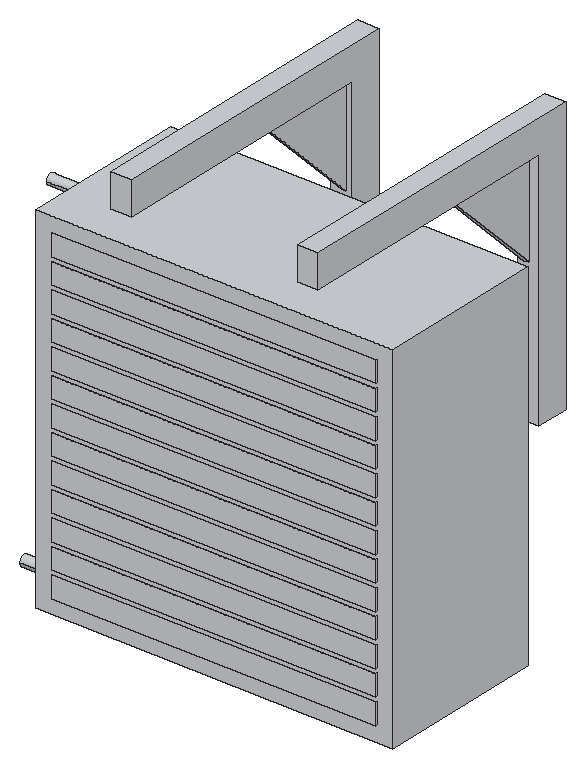
Revit family "Mark Tanner MDA verwarmer wandmontage", category Mechanical Equipment, Revit 2016
Family settings
  Part Type = Normal
  Round Connector Dimension = Use Diameter
  OmniClass Number = 23.75.00.00
  OmniClass Title = Climate Control (HVAC)
  Work Plane-Based = No
  Always vertical = Yes
  Cut with Voids When Loaded = No
  Shared = No
  Room Calculation Point = No
Parameters
  voltage = 0 V
  vermogen = 0 W
  schijnbaar_vermogen = voltage * nominale stroom  # 0 VA
  o2 [instance] = 333.225 mm
  o1 = 660 mm
  nominale stroom = 0 A
  lengte = l1  # 860 mm
  l3 = l1 + 100 mm  # 960 mm
  l2 = 450 mm
  l1 = h1  # 860 mm
  hoogte = h1  # 860 mm
  h1 = 860 mm
  gewicht = ""
  elektrisch_vermogen = 0 W
  debiet = 0.0 L/s
  con 1_RN = con 1_DN / 2  # 12.5 mm
  con 1_DN = 25 mm
  breedte = b1  # 405 mm
  b2 = b1 - 80 mm  # 325 mm
  b1 = 405 mm
  artikelnummer = ""
  aantal_polen = 1
  URL = "http://www.mark.nl/producten/"
  Type Comments = "MDA 121, 2 rijige wisselaar, 1 fase 230V fan, ,waterzijdige aansluiting 1"
  Model = "MDA 100"
  Manufacturer = "Mark"  # constant formula
Reference planes
  plane 1 "Center (Front/Back)": y = 0
  plane 2: z = 0
  plane 3 "Center (Left/Right)": x = 0
  plane 4: x = -430
  plane 5: x = 430
  plane 6: z = -145
  plane 7: y = -744
Dimensions and locks
  "l1": plane 4 to plane 5
  equal spacing: plane 4, plane 3 "Center (Left/Right)", plane 5
  aligned and locked: level to plane 2
  aligned and locked: plane 6 to nested 2
  aligned and locked: nested 2 to plane 7
  aligned and locked: plane 3 "Center (Left/Right)" to nested 1
Nested families
  nested 1: "Wand console" at (0, 0, 0), b1 <- "b2", l1 <- "l2", type "Wand console"
    with l1 450 mm, b1 325 mm
  nested 2: "Verwarmer" at (0, -541.5, -145), b1 <- "b1", h1 <- "h1", l1 <- "l1", r1 <- "con 1_RN", type "MDA 100"
    with r1 12.5 mm, l1 860 mm, h1 860 mm, b1 405 mm, b 780 mm, aantal 13, a 790 mm
Connectors
  electrical at (0, -541.5, -145), driven by "aantal_polen", driven by "voltage", driven by "schijnbaar_vermogen"
    settings: on nested 2, index 1, voltage 0 V, apparent load 0 VA, apparent load phase1 0 VA, apparent load phase2 0 VA, apparent load phase3 0 VA, power factor 1, load classification "Other", number of poles 1, system type 31, power factor state 1, is connector primary yes, connector utility no, sub classification motor no, connector description ""
  piping at (-522, -584, -181), diameter 25, driven by "con 1_DN"
    settings: on nested 2, index 2, connector inside diameter 609.6 mm, connector length 0 mm, flow factor 0, pipe flow 0.0 L/s, pressure drop 0.0 Pa, fitting loss kfactor 0, connector angle 0.00°, fixture units 0, engagement length 0 mm, angle of deflection 0.00°, flow configuration 0, flow direction 2, fitting loss method 0, system type 8, joint type 0, gender type 0, connector reference index -1, connector utility 0, adjustable connector no, is connector primary yes, connector description "retour"
  piping at (-522, -664, -969), diameter 25, driven by "con 1_DN"
    settings: on nested 2, index 3, connector inside diameter 609.6 mm, connector length 0 mm, flow factor 0, pipe flow 0.0 L/s, pressure drop 0.0 Pa, fitting loss kfactor 0, connector angle 0.00°, fixture units 0, engagement length 0 mm, angle of deflection 0.00°, flow configuration 0, flow direction 1, fitting loss method 0, system type 7, joint type 0, gender type 0, connector reference index -1, connector utility 0, adjustable connector no, is connector primary no, connector description ""
Definition of nested family "Wand console"
  Parameters (values of type "Wand console")
    l1 [instance] = 500 mm
    b1 [instance] = 300 mm
    artikelnummer = "5064051"  # constant formula
    URL = "http://www.mark.nl/producten/"
    Manufacturer = "Mark"  # constant formula
    Description = "plafond console"  # constant formula
  Reference planes
    plane 1 "Center (Front/Back)": y = 0
    plane 2: z = 0
    plane 3 "Center (Left/Right)": x = 0
    plane 4: x = -250
    plane 5: x = 250
  Forms (mm)
    Sweep 1, solid
      path origin (-250, 370.38, 1200) x (0, 1, 0) y (0, 0, 1)
        loop
          line (-1114.38, -1200) -> (-370.38, -1200) -> (-370.38, -1864)
      profile origin (-250, 0, -332) x (1, 0, 0) y (0, 1, 0)
        loop
          line (25, 0) -> (-25, 0) -> (-25, -80) -> (25, -80) -> (25, 0)
    Sweep 2, solid
      path origin (250, -539.048, 1120) x (0, -1, 0) y (0, 0, 1)
        loop
          line (204.952, -1200) -> (-459.048, -1200) -> (-459.048, -1784)
      profile origin (250, -80, -372) x (-1, 0, 0) y (0, -1, 0)
        loop
          line (25, 0) -> (-25, 0) -> (-25, -80) -> (25, -80) -> (25, 0)
    Extrusion 3, solid
      sketch origin (-250, 370.38, 1200) x (0, 1, 0) y (0, 0, 1)
        loop
          line (-690.38, -1280) -> (-450.38, -1520) -> (-450.38, -1280) -> (-690.38, -1280)
      from 0 to 11
    Extrusion 4, solid
      sketch origin (250, -459.048, 1200) x (0, -1, 0) y (0, 0, 1)
        loop
          line (-379.048, -1280) -> (-379.048, -1520) -> (-139.048, -1280) -> (-379.048, -1280)
      from 0 to 11
  Dimensions and locks
    equal spacing: plane 4, plane 3 "Center (Left/Right)", plane 5
    "l1": plane 4 to plane 5
    equal spacing: Sweep 1 sketch curve, profile plane, Sweep 1 sketch curve
    equal spacing: Sweep 2 sketch curve, profile plane, Sweep 2 sketch curve
    locked: Sweep 2 sketch curve to Sweep 2 sketch curve at 50
    locked: Sweep 1 sketch curve to Sweep 1 sketch curve at 50
    aligned and locked: level to plane 2
    aligned and locked: Sweep 2 to plane 1 "Center (Front/Back)"
  Automatic sketch dimensions
    Sweep 1 sketch curve to level = 0 mm
    Sweep 1 sketch curve to plane 1 "Center (Front/Back)" = 0 mm
    plane 1 "Center (Front/Back)" to Sweep 1 sketch curve = 744 mm
    Sweep 1 sketch curve to level = 664 mm
    profile plane to Sweep 1 sketch curve = 0 mm
    Sweep 1 sketch curve to Sweep 1 sketch curve = 80 mm
    profile plane to Sweep 2 sketch curve = 0 mm
    Sweep 2 sketch curve to Sweep 2 sketch curve = 80 mm
    plane 1 "Center (Front/Back)" to Sweep 2 sketch curve = 80 mm
    Sweep 2 sketch curve to level = 80 mm
    Sweep 2 sketch curve to Sweep 2 sketch curve = 664 mm
    Sweep 2 sketch curve to Sweep 2 sketch curve = 584 mm
    plane 1 "Center (Front/Back)" to Extrusion 3 sketch curve = 80 mm
    Extrusion 3 sketch curve to level = 320 mm
    Extrusion 3 sketch curve to level = 80 mm
    Extrusion 3 sketch curve to Extrusion 3 sketch curve = 240 mm
    Extrusion 4 sketch curve to level = 80 mm
    plane 1 "Center (Front/Back)" to Extrusion 4 sketch curve = 320 mm
    plane 1 "Center (Front/Back)" to Extrusion 4 sketch curve = 80 mm
    Extrusion 4 sketch curve to Extrusion 4 sketch curve = 240 mm
Definition of nested family "Verwarmer"
  Parameters (values of type "MDA 100")
    r1 [instance] = 12.5 mm
    l1 [instance] = 860 mm
    h1 [instance] = 860 mm
    b1 [instance] = 405 mm
    b [instance] = l1 - 80 mm  # 780 mm
    aantal [instance] = a / 60 mm  # 13
    a [instance] = h1 - 70 mm  # 790 mm
    Default Elevation = 1219.2 mm
  Reference planes
    plane 1 "Center (Front/Back)": y = 0
    plane 2: z = 0
    plane 3 "Center (Left/Right)": x = 0
    plane 4: x = -430
    plane 5: x = 430
    plane 6: x = -390
    plane 7: x = 390
    plane 8: y = 202.5
    plane 9: y = -202.5
    plane 10: y = -42.5
    plane 11: y = -122.5
    plane 12: z = -860
    plane 13: z = -36
    plane 14: z = -824
    plane 15: z = -430
  Forms (mm)
    Extrusion 1, solid
      sketch origin (0, 0, 0) x (1, 0, 0) y (0, 1, 0)
        loop
          line (-430, 202.5) -> (-430, -202.5) -> (430, -202.5) -> (430, 202.5) -> (-430, 202.5)
      from 0 to -860
    Sweep 2, solid
      path origin (1317.187, -1524, -36) x (0, -1, 0) y (1, 0, 0)
        loop
          line (-1401.5, -1747.187) -> (-1401.5, -1839.187)
      profile origin (-476, -122.5, -36) x (0, -1, 0) y (0, 0, 1)
        loop
          circle (0, -788) r 12.5
    Sweep 3, solid
      path origin (0, 0, 0) x (1, 0, 0) y (0, 1, 0)
        loop
          line (-522, -30) -> (-430, -30)
      profile origin (-476, -30, 0) x (0, 1, 0) y (0, 0, 1)
        loop
          circle (-12.5, -36) r 12.5
  Dimensions and locks
    equal spacing: plane 4, plane 3 "Center (Left/Right)", plane 5
    "l1": plane 4 to plane 5
    equal spacing: plane 6, plane 3 "Center (Left/Right)", plane 7
    "b1": plane 8 to plane 9
    equal spacing: plane 8, plane 1 "Center (Front/Back)", plane 9
    locked: plane 9 to plane 11 at 80
    locked: plane 10 to plane 9 at 160
    equal spacing: plane 2, plane 15, plane 12
    "h1": plane 2 to plane 12
    locked: plane 14 to plane 12 at 36
    locked: plane 2 to plane 13 at 36
    plane 13 to plane 14 = 788 mm
    equal spacing: plane 7, plane 3 "Center (Left/Right)", plane 6
    "b": plane 6 to plane 7
    equal spacing: group 1, group 3, group 4, group 5, group 6, group 7, group 8, group 9, group 10, group 11, group 12, group 13, group 2  (x2)
    equal spacing: group 2, group 13, group 12, group 11, group 10, group 9, group 8, group 7, group 6, group 5, group 4, group 3, group 1
    "r1": radius of Sweep 2 sketch curve
    "r1": radius of Sweep 3 sketch curve
    aligned and locked: level to plane 2
    aligned and locked: Extrusion 1 sketch curve to plane 8
    aligned and locked: plane 4 to Extrusion 1 sketch curve
    aligned and locked: plane 5 to Extrusion 1 sketch curve
    aligned and locked: plane 9 to Extrusion 1 sketch curve
    aligned and locked: Extrusion 1 to plane 12
    aligned and locked: plane 4 to Sweep 2 sketch curve
    aligned and locked: Sweep 2 sketch curve to plane 11  (x2)
    aligned and locked: plane 14 to Sweep 2 sketch curve
    aligned and locked: plane 4 to Sweep 3 sketch curve
    aligned and locked: plane 13 to Sweep 3 sketch curve
    aligned and locked: plane 10 to Sweep 3 sketch curve
    aligned and locked: plane 3 "Center (Left/Right)" to nested 1
    aligned and locked: nested 1 to plane 9
    aligned and locked: nested 2 to plane 14
    aligned and locked: nested 2 to plane 9
  Automatic sketch dimensions
    Sweep 2 sketch curve to Sweep 2 sketch curve = 92 mm
    Sweep 3 sketch curve to plane 4 = 92 mm
    plane 1 "Center (Front/Back)" to Sweep 3 sketch curve = 30 mm
  Nested families
    nested 1: "Family5" at (0, -202.5, -36), a <- "b", type "Family5"
      with a 780 mm
    nested 2: "Family5" at (0, -202.5, -774), a <- "b", type "Family5"
      with a 780 mm
    nested 3: "Family5" at (0, -202.5, -97.5), a <- "b", type "Family5"
      with a 780 mm
    nested 4: "Family5" at (0, -202.5, -159), a <- "b", type "Family5"
      with a 780 mm
    nested 5: "Family5" at (0, -202.5, -220.5), a <- "b", type "Family5"
      with a 780 mm
    nested 6: "Family5" at (0, -202.5, -282), a <- "b", type "Family5"
      with a 780 mm
    nested 7: "Family5" at (0, -202.5, -343.5), a <- "b", type "Family5"
      with a 780 mm
    nested 8: "Family5" at (0, -202.5, -405), a <- "b", type "Family5"
      with a 780 mm
    nested 9: "Family5" at (0, -202.5, -466.5), a <- "b", type "Family5"
      with a 780 mm
    nested 10: "Family5" at (0, -202.5, -528), a <- "b", type "Family5"
      with a 780 mm
    nested 11: "Family5" at (0, -202.5, -589.5), a <- "b", type "Family5"
      with a 780 mm
    nested 12: "Family5" at (0, -202.5, -651), a <- "b", type "Family5"
      with a 780 mm
    nested 13: "Family5" at (0, -202.5, -712.5), a <- "b", type "Family5"
      with a 780 mm
  Definition of nested family "Family5"
    Parameters (values of type "Family5")
      a [instance] = 752.12 mm
    Reference planes
      plane 1 "Center (Front/Back)": y = 0
      plane 2: z = 0
      plane 3 "Center (Left/Right)": x = 0
    Forms (mm)
      Extrusion 1, solid
        sketch origin (0, 0, 0) x (1, 0, 0) y (0, 1, 0)
          loop
            line (-376.06, 1.5) -> (-376.06, -1.5) -> (376.06, -1.5) -> (376.06, 1.5) -> (-376.06, 1.5)
        from -50 to 0
    Dimensions and locks
      equal spacing: Extrusion 1 sketch curve, plane 3 "Center (Left/Right)", Extrusion 1 sketch curve
      "a": Extrusion 1 sketch curve to Extrusion 1 sketch curve
      aligned and locked: level to plane 2
    Automatic sketch dimensions
      plane 1 "Center (Front/Back)" to Extrusion 1 sketch curve = 1.5 mm
      Extrusion 1 sketch curve to plane 1 "Center (Front/Back)" = 1.5 mm
Types in the file's own list only (42): name | voltage | vermogen | schijnbaar_vermogen | nominale stroom | lengte | l3 | l2 | l1 | hoogte | h1 | gewicht | elektrisch_vermogen | debiet | con 1_RN | con 1_DN | breedte | b2 | b1 | artikelnummer | aantal_polen | URL | Type Comments | Model
  Tanner MDA 121L | 230 V | 14500 W | 108 VA | 0 A | 450 mm | 550 mm | 387 mm | 450 mm | 450 mm | 450 mm | "22" | 90 W | 1595.0 L/s | 13 mm | 25 mm | 380 mm | 300 mm | 380 mm | "MDA 121L" | 1 | "http://www.mark.nl/luchtverwarming/watergevoed/tanner-mda/" | "MDA 121 ( 2 rijige wisselaar 1 fase 230 V fan waterzijdige aansluiting 1  laag toerental )" | "MDA 100"
  Tanner MDA 131L | 230 V | 17000 W | 108 VA | 0 A | 450 mm | 550 mm | 387 mm | 450 mm | 450 mm | 450 mm | "23" | 90 W | 1446.0 L/s | 13 mm | 25 mm | 380 mm | 300 mm | 380 mm | "MDA 131L" | 1 | "http://www.mark.nl/luchtverwarming/watergevoed/tanner-mda/" | "MDA 131 ( 3 rijige wisselaar  1 fase 230 V fan waterzijdige aansluiting 1 laag toerental)" | "MDA 100"
  Tanner MDA 141L | 230 V | 19000 W | 108 VA | 0 A | 450 mm | 550 mm | 387 mm | 450 mm | 450 mm | 450 mm | "24" | 90 W | 1265.0 L/s | 13 mm | 25 mm | 380 mm | 300 mm | 380 mm | "MDA 141L" | 1 | "http://www.mark.nl/luchtverwarming/watergevoed/tanner-mda/" | "MDA 131 ( 4 rijige wisselaar  1 fase 230 V fan waterzijdige aansluiting 1 laag toerental)" | "MDA 100"
  Tanner MDA 211L | 230 V | 14100 W | 117 VA | 1 A | 580 mm | 680 mm | 517 mm | 580 mm | 580 mm | 580 mm | "30" | 120 W | 2805.0 L/s | 13 mm | 25 mm | 385 mm | 305 mm | 385 mm | "MDA 211L" | 1 | "http://www.mark.nl/luchtverwarming/watergevoed/tanner-mda/" | "MDA 211 ( 1 rijige wisselaar  1 fase 230 V fanwaterzijdige aansluiting 1 laag toerental)" | "MDA 200"
  Tanner MDA 221L | 230 V | 25100 W | 117 VA | 1 A | 580 mm | 680 mm | 517 mm | 580 mm | 580 mm | 580 mm | "32" | 120 W | 2656.0 L/s | 13 mm | 25 mm | 385 mm | 305 mm | 385 mm | "MDA 221L" | 1 | "http://www.mark.nl/luchtverwarming/watergevoed/tanner-mda/" | "MDA 221 ( 2 rijige wisselaar  1 fase 230 V fan waterzijdige aansluiting 1 laag toerental)" | "MDA 200"
  Tanner MDA 231L | 230 V | 30800 W | 117 VA | 1 A | 580 mm | 680 mm | 517 mm | 580 mm | 580 mm | 580 mm | "34" | 120 W | 2381.0 L/s | 13 mm | 25 mm | 385 mm | 305 mm | 385 mm | "MDA 231L" | 1 | "http://www.mark.nl/luchtverwarming/watergevoed/tanner-mda/" | "MDA 231 ( 3 rijige wisselaar  1 fase 230 V fan waterzijdige aansluiting 1 laag toerental)" | "MDA 200"
  Tanner MDA 241L | 230 V | 33300 W | 117 VA | 1 A | 580 mm | 680 mm | 517 mm | 580 mm | 580 mm | 580 mm | "36" | 120 W | 2230.0 L/s | 13 mm | 25 mm | 385 mm | 305 mm | 385 mm | "MDA 241L" | 1 | "http://www.mark.nl/luchtverwarming/watergevoed/tanner-mda/" | "MDA 241 ( 4 rijige wisselaar  1 fase 230 V fan waterzijdige aansluiting 1 laag toerental)" | "MDA 200"
  Tanner MDA 321L | 230 V | 52700 W | 391 VA | 2 A | 730 mm | 830 mm | 667 mm | 730 mm | 730 mm | 730 mm | "43" | 330 W | 6495.0 L/s | 13 mm | 25 mm | 385 mm | 305 mm | 385 mm | "MDA 321L" | 1 | "http://www.mark.nl/luchtverwarming/watergevoed/tanner-mda/" | "MDA 321 ( 2 rijige wisselaar  1 fase 230 V fan waterzijdige aansluiting 1 laag toerental)" | "MDA 300"
  Tanner MDA 331L | 230 V | 65900 W | 391 VA | 2 A | 730 mm | 830 mm | 667 mm | 730 mm | 730 mm | 730 mm | "46" | 330 W | 5857.0 L/s | 16 mm | 32 mm | 385 mm | 305 mm | 385 mm | "MDA 331L" | 1 | "http://www.mark.nl/luchtverwarming/watergevoed/tanner-mda/" | "MDA 331 ( 3 rijige wisselaar  1 fase 230 V fan waterzijdige aansluiting 11/4 laag toerental)" | "MDA 300"
  Tanner MDA 341L | 230 V | 72100 W | 391 VA | 2 A | 730 mm | 830 mm | 667 mm | 730 mm | 730 mm | 730 mm | "49" | 330 W | 5423.0 L/s | 16 mm | 32 mm | 385 mm | 305 mm | 385 mm | "MDA 341L" | 1 | "http://www.mark.nl/luchtverwarming/watergevoed/tanner-mda/" | "MDA 341 ( 4 rijige wisselaar  1 fase 230 V fan waterzijdige aansluiting 11/4 laag toerental)" | "MDA 300"
  Tanner MDA 411L | 230 V | 42500 W | 598 VA | 3 A | 860 mm | 960 mm | 667 mm | 860 mm | 860 mm | 860 mm | "51" | 550 W | 10320.0 L/s | 16 mm | 32 mm | 405 mm | 325 mm | 405 mm | "MDA 411L" | 1 | "http://www.mark.nl/luchtverwarming/watergevoed/tanner-mda/" | "MDA 411 ( 1 rijige wisselaar  1 fase 230 V fanwaterzijdige aansluiting 11/4 laag toerental)" | "MDA 400"
  Tanner MDA 421L | 230 V | 80000 W | 598 VA | 3 A | 860 mm | 960 mm | 667 mm | 860 mm | 860 mm | 860 mm | "55" | 550 W | 9933.0 L/s | 16 mm | 32 mm | 405 mm | 325 mm | 405 mm | "MDA 421L" | 1 | "http://www.mark.nl/luchtverwarming/watergevoed/tanner-mda/" | "MDA 421 ( 2 rijige wisselaar  1 fase 230 V fanwaterzijdige aansluiting 11/4 laag toerental)" | "MDA 400"
  Tanner MDA 431L | 230 V | 101000 W | 598 VA | 3 A | 860 mm | 960 mm | 667 mm | 860 mm | 860 mm | 860 mm | "59" | 550 W | 8816.0 L/s | 20 mm | 40 mm | 405 mm | 325 mm | 405 mm | "MDA 431L" | 1 | "http://www.mark.nl/luchtverwarming/watergevoed/tanner-mda/" | "MDA 431 ( 3 rijige wisselaar  1 fase 230 V fanwaterzijdige aansluiting 11/2 laag toerental)" | "MDA 400"
  Tanner MDA 441L | 230 V | 110000 W | 598 VA | 3 A | 860 mm | 960 mm | 667 mm | 860 mm | 860 mm | 860 mm | "63" | 550 W | 8217.0 L/s | 20 mm | 40 mm | 405 mm | 325 mm | 405 mm | "MDA 441L" | 1 | "http://www.mark.nl/luchtverwarming/watergevoed/tanner-mda/" | "MDA 441 ( 4 rijige wisselaar  1 fase 230 V fanwaterzijdige aansluiting 11/2 laag toerental)" | "MDA 400"
  Tanner MDA 121H | 230 V | 18000 W | 154 VA | 1 A | 450 mm | 550 mm | 387 mm | 450 mm | 450 mm | 450 mm | "22" | 150 W | 2365.0 L/s | 13 mm | 25 mm | 380 mm | 300 mm | 380 mm | "MDA 121H" | 1 | "http://www.mark.nl/luchtverwarming/watergevoed/tanner-mda/" | "MDA 121 ( 2 rijige wisselaar  1 fase 230 V fan waterzijdige aansluiting 1 hoog toerental)" | "MDA 100"
  Tanner MDA 131H | 230 V | 22100 W | 154 VA | 1 A | 450 mm | 550 mm | 387 mm | 450 mm | 450 mm | 450 mm | "23" | 150 W | 2244.0 L/s | 13 mm | 25 mm | 380 mm | 300 mm | 380 mm | "MDA 131H" | 1 | "http://www.mark.nl/luchtverwarming/watergevoed/tanner-mda/" | "MDA 131 ( 3 rijige wisselaar  1 fase 230 V fan waterzijdige aansluiting 1 hoog toerental)" | "MDA 100"
  Tanner MDA 141H | 230 V | 25100 W | 154 VA | 1 A | 450 mm | 550 mm | 387 mm | 450 mm | 450 mm | 450 mm | "24" | 150 W | 1914.0 L/s | 13 mm | 25 mm | 380 mm | 300 mm | 380 mm | "MDA 141H" | 1 | "http://www.mark.nl/luchtverwarming/watergevoed/tanner-mda/" | "MDA 131 ( 4 rijige wisselaar  1 fase 230 V fan waterzijdige aansluiting 1 hoog toerental)" | "MDA 100"
  Tanner MDA 211H | 230 V | 17200 W | 311 VA | 1 A | 580 mm | 680 mm | 517 mm | 580 mm | 580 mm | 580 mm | "30" | 280 W | 4450.0 L/s | 13 mm | 25 mm | 385 mm | 305 mm | 385 mm | "MDA 211H" | 1 | "http://www.mark.nl/luchtverwarming/watergevoed/tanner-mda/" | "MDA 211 ( 1 rijige wisselaar  1 fase 230 V fan waterzijdige aansluiting 1 hoog toerental)" | "MDA 200"
  Tanner MDA 221H | 230 V | 32400 W | 311 VA | 1 A | 580 mm | 680 mm | 517 mm | 580 mm | 580 mm | 580 mm | "32" | 280 W | 4202.0 L/s | 13 mm | 25 mm | 385 mm | 305 mm | 385 mm | "MDA 221H" | 1 | "http://www.mark.nl/luchtverwarming/watergevoed/tanner-mda/" | "MDA 221 ( 2 rijige wisselaar  1 fase 230 V fan waterzijdige aansluiting 1 hoog toerental)" | "MDA 200"
  Tanner MDA 231H | 230 V | 42000 W | 311 VA | 1 A | 580 mm | 680 mm | 517 mm | 580 mm | 580 mm | 580 mm | "34" | 280 W | 3932.0 L/s | 13 mm | 25 mm | 385 mm | 305 mm | 385 mm | "MDA 231H" | 1 | "http://www.mark.nl/luchtverwarming/watergevoed/tanner-mda/" | "MDA 231 ( 3 rijige wisselaar  1 fase 230 V fan waterzijdige aansluiting 1 hoog toerental)" | "MDA 200"
  Tanner MDA 241H | 230 V | 46600 W | 311 VA | 1 A | 580 mm | 680 mm | 517 mm | 580 mm | 580 mm | 580 mm | "34" | 280 W | 3734.0 L/s | 13 mm | 25 mm | 385 mm | 305 mm | 385 mm | "MDA 241H" | 1 | "http://www.mark.nl/luchtverwarming/watergevoed/tanner-mda/" | "MDA 241 ( 4 rijige wisselaar  1 fase 230 V fan waterzijdige aansluiting 1 hoog toerental)" | "MDA 200"
  Tanner MDA 123L | 400 V | 14500 W | 40 VA | 0 A | 450 mm | 550 mm | 387 mm | 450 mm | 450 mm | 450 mm | "22" | 50 W | 1595.0 L/s | 13 mm | 25 mm | 380 mm | 300 mm | 380 mm | "MDA 123L" | 3 | "http://www.mark.nl/luchtverwarming/watergevoed/tanner-mda/" | "MDA 123 ( 2 rijige wisselaar  3 fase 400 V fan waterzijdige aansluiting 1 laag toerental)" | "MDA 100"
  Tanner MDA 133L | 400 V | 17000 W | 40 VA | 0 A | 450 mm | 550 mm | 387 mm | 450 mm | 450 mm | 450 mm | "23" | 50 W | 1446.0 L/s | 13 mm | 25 mm | 380 mm | 300 mm | 380 mm | "MDA 133L" | 3 | "http://www.mark.nl/luchtverwarming/watergevoed/tanner-mda/" | "MDA 133 ( 3 rijige wisselaar  3 fase 400 V fan waterzijdige aansluiting 1 laag toerental)" | "MDA 100"
  Tanner MDA 143L | 400 V | 19000 W | 40 VA | 0 A | 450 mm | 550 mm | 387 mm | 450 mm | 450 mm | 450 mm | "24" | 50 W | 1265.0 L/s | 13 mm | 25 mm | 380 mm | 300 mm | 380 mm | "MDA 143L" | 3 | "http://www.mark.nl/luchtverwarming/watergevoed/tanner-mda/" | "MDA 133 ( 4 rijige wisselaar  3 fase 400 V fan waterzijdige aansluiting 1 laag toerental)" | "MDA 100"
  Tanner MDA 213L | 400 V | 14800 W | 120 VA | 0 A | 580 mm | 680 mm | 517 mm | 580 mm | 580 mm | 580 mm | "30" | 120 W | 3050.0 L/s | 13 mm | 25 mm | 385 mm | 305 mm | 385 mm | "MDA 213L" | 3 | "http://www.mark.nl/luchtverwarming/watergevoed/tanner-mda/" | "MDA 213 ( 1 rijige wisselaar  3 fase 400 V fan waterzijdige aansluiting 1 laag toerental)" | "MDA 200"
  Tanner MDA 223L | 400 V | 26200 W | 120 VA | 0 A | 580 mm | 680 mm | 517 mm | 580 mm | 580 mm | 580 mm | "32" | 120 W | 2865.0 L/s | 13 mm | 25 mm | 385 mm | 305 mm | 385 mm | "MDA 223L" | 3 | "http://www.mark.nl/luchtverwarming/watergevoed/tanner-mda/" | "MDA 223 ( 2 rijige wisselaar  3 fase 400 V fan waterzijdige aansluiting 1 laag toerental)" | "MDA 200"
  Tanner MDA 233L | 400 V | 32400 W | 120 VA | 0 A | 580 mm | 680 mm | 517 mm | 580 mm | 580 mm | 580 mm | "34" | 120 W | 2574.0 L/s | 13 mm | 25 mm | 385 mm | 305 mm | 385 mm | "MDA 233L" | 3 | "http://www.mark.nl/luchtverwarming/watergevoed/tanner-mda/" | "MDA 233 ( 3 rijige wisselaar  3 fase 400 V fan waterzijdige aansluiting 1 laag toerental)" | "MDA 200"
  Tanner MDA 243L | 400 V | 35100 W | 120 VA | 0 A | 580 mm | 680 mm | 517 mm | 580 mm | 580 mm | 580 mm | "36" | 120 W | 2414.0 L/s | 13 mm | 25 mm | 385 mm | 305 mm | 385 mm | "MDA 243L" | 3 | "http://www.mark.nl/luchtverwarming/watergevoed/tanner-mda/" | "MDA 243 ( 4 rijige wisselaar  3 fase 400 V fan waterzijdige aansluiting 1 laag toerental)" | "MDA 200"
  Tanner MDA 323L | 400 V | 52700 W | 272 VA | 1 A | 730 mm | 830 mm | 667 mm | 730 mm | 730 mm | 730 mm | "43" | 280 W | 6495.0 L/s | 13 mm | 25 mm | 385 mm | 305 mm | 385 mm | "MDA 323L" | 3 | "http://www.mark.nl/luchtverwarming/watergevoed/tanner-mda/" | "MDA 323 ( 2 rijige wisselaar  3 fase 400 V fan  waterzijdige aansluiting 1 laag toerental)" | "MDA 300"
  Tanner MDA 333L | 400 V | 65900 W | 272 VA | 1 A | 730 mm | 830 mm | 667 mm | 730 mm | 730 mm | 730 mm | "46" | 280 W | 5857.0 L/s | 16 mm | 32 mm | 385 mm | 305 mm | 385 mm | "MDA 333L" | 3 | "http://www.mark.nl/luchtverwarming/watergevoed/tanner-mda/" | "MDA 333 ( 3 rijige wisselaar  3 fase 400 V fan  waterzijdige aansluiting 11/4 laag toerental)" | "MDA 300"
  Tanner MDA 343L | 400 V | 72100 W | 272 VA | 1 A | 730 mm | 830 mm | 667 mm | 730 mm | 730 mm | 730 mm | "46" | 280 W | 5423.0 L/s | 16 mm | 32 mm | 385 mm | 305 mm | 385 mm | "MDA 343L" | 3 | "http://www.mark.nl/luchtverwarming/watergevoed/tanner-mda/" | "MDA 343 ( 4 rijige wisselaar  3 fase 400 V fan  waterzijdige aansluiting 11/4 laag toerental)" | "MDA 300"
  Tanner MDA 413L | 400 V | 45200 W | 620 VA | 2 A | 860 mm | 960 mm | 667 mm | 860 mm | 860 mm | 860 mm | "52" | 510 W | 11600.0 L/s | 16 mm | 32 mm | 405 mm | 325 mm | 405 mm | "MDA 413L" | 3 | "http://www.mark.nl/luchtverwarming/watergevoed/tanner-mda/" | "MDA 413 ( 1 rijige wisselaar  3 fase 400 V fan  waterzijdige aansluiting 11/4 laag toerental)" | "MDA 400"
  Tanner MDA 423L | 400 V | 84000 W | 400 VA | 1 A | 860 mm | 960 mm | 667 mm | 860 mm | 860 mm | 860 mm | "52" | 510 W | 10868.0 L/s | 16 mm | 32 mm | 405 mm | 325 mm | 405 mm | "MDA 423L" | 3 | "http://www.mark.nl/luchtverwarming/watergevoed/tanner-mda/" | "MDA 423 ( 2 rijige wisselaar  3 fase 400 V fan  waterzijdige aansluiting 11/4 laag toerental)" | "MDA 400"
  Tanner MDA 433L | 400 V | 107000 W | 400 VA | 1 A | 860 mm | 960 mm | 667 mm | 860 mm | 860 mm | 860 mm | "61" | 510 W | 9735.0 L/s | 20 mm | 40 mm | 405 mm | 325 mm | 405 mm | "MDA 433L" | 3 | "http://www.mark.nl/luchtverwarming/watergevoed/tanner-mda/" | "MDA 433 ( 3 rijige wisselaar  3 fase 400 V fan  waterzijdige aansluiting 11/2 laag toerental)" | "MDA 400"
  Tanner MDA 443L | 400 V | 117000 W | 400 VA | 1 A | 860 mm | 960 mm | 667 mm | 860 mm | 860 mm | 860 mm | "64" | 510 W | 9064.0 L/s | 20 mm | 40 mm | 405 mm | 325 mm | 405 mm | "MDA 443L" | 3 | "http://www.mark.nl/luchtverwarming/watergevoed/tanner-mda/" | "MDA 443 ( 4 rijige wisselaar  3 fase 400 V fan  waterzijdige aansluiting 11/2 laag toerental)" | "MDA 400"
  Tanner MDA 123H | 230 V | 18000 W | 58 VA | 0 A | 450 mm | 550 mm | 387 mm | 450 mm | 450 mm | 450 mm | "22" | 150 W | 2365.0 L/s | 13 mm | 25 mm | 380 mm | 300 mm | 380 mm | "MDA 123H" | 1 | "http://www.mark.nl/luchtverwarming/watergevoed/tanner-mda/" | "MDA 123 ( 2 rijige wisselaar  3 fase 400 V fan waterzijdige aansluiting 1 hoog toerental)" | "MDA 100"
  Tanner MDA 133H | 230 V | 22100 W | 58 VA | 0 A | 450 mm | 550 mm | 387 mm | 450 mm | 450 mm | 450 mm | "23" | 150 W | 2244.0 L/s | 13 mm | 25 mm | 380 mm | 300 mm | 380 mm | "MDA 133H" | 1 | "http://www.mark.nl/luchtverwarming/watergevoed/tanner-mda/" | "MDA 133 ( 3 rijige wisselaar  3 fase 400 V fan waterzijdige aansluiting 1 hoog toerental)" | "MDA 100"
  Tanner MDA 143H | 230 V | 25100 W | 58 VA | 0 A | 450 mm | 550 mm | 387 mm | 450 mm | 450 mm | 450 mm | "24" | 150 W | 1914.0 L/s | 13 mm | 25 mm | 380 mm | 300 mm | 380 mm | "MDA 143H" | 1 | "http://www.mark.nl/luchtverwarming/watergevoed/tanner-mda/" | "MDA 133 ( 4 rijige wisselaar  3 fase 400 V fan waterzijdige aansluiting 1 hoog toerental)" | "MDA 100"
  Tanner MDA 213H | 230 V | 17200 W | 154 VA | 1 A | 580 mm | 680 mm | 517 mm | 580 mm | 580 mm | 580 mm | "30" | 280 W | 4450.0 L/s | 13 mm | 25 mm | 385 mm | 305 mm | 385 mm | "MDA 213H" | 1 | "http://www.mark.nl/luchtverwarming/watergevoed/tanner-mda/" | "MDA 213 ( 1 rijige wisselaar  3 fase 400 V fan waterzijdige aansluiting 1 hoog toerental)" | "MDA 200"
  Tanner MDA 223H | 230 V | 32400 W | 154 VA | 1 A | 580 mm | 680 mm | 517 mm | 580 mm | 580 mm | 580 mm | "32" | 280 W | 4202.0 L/s | 13 mm | 25 mm | 385 mm | 305 mm | 385 mm | "MDA 223H" | 1 | "http://www.mark.nl/luchtverwarming/watergevoed/tanner-mda/" | "MDA 223 ( 2 rijige wisselaar  3 fase 400 V fan waterzijdige aansluiting 1 hoog toerental)" | "MDA 200"
  Tanner MDA 233H | 230 V | 42000 W | 154 VA | 1 A | 580 mm | 680 mm | 517 mm | 580 mm | 580 mm | 580 mm | "34" | 280 W | 3932.0 L/s | 13 mm | 25 mm | 385 mm | 305 mm | 385 mm | "MDA 233H" | 1 | "http://www.mark.nl/luchtverwarming/watergevoed/tanner-mda/" | "MDA 233 ( 3 rijige wisselaar  3 fase 400 V fan waterzijdige aansluiting 1 hoog toerental)" | "MDA 200"
  Tanner MDA 243H | 230 V | 46600 W | 154 VA | 1 A | 580 mm | 680 mm | 517 mm | 580 mm | 580 mm | 580 mm | "34" | 280 W | 3734.0 L/s | 13 mm | 25 mm | 385 mm | 305 mm | 385 mm | "MDA 243H" | 1 | "http://www.mark.nl/luchtverwarming/watergevoed/tanner-mda/" | "MDA 243 ( 4 rijige wisselaar  3 fase 400 V fan waterzijdige aansluiting 1 hoog toerental)" | "MDA 200"
